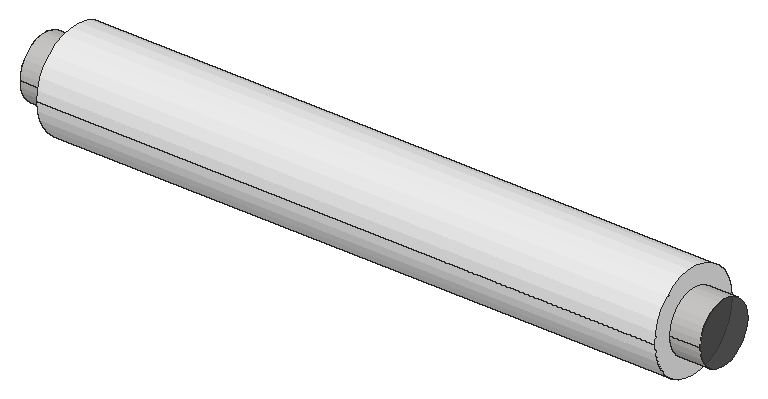
Revit family "HARMANN - Tłumik_Akustyczny-Harmann-FLEXITEC", category Akcesoria wentylacyjne, Revit 2022
Family settings
  Wymiar okrągłego złącza = Użyj średnicy
  Typ części = Dzieli na
  Oparty na płaszczyźnie roboczej = Nie
  Zawsze pionowo = Tak
  Tnij formami wycięć po wczytaniu = Nie
  Współdzielony = Nie
Parameters (values of type "100-1200")
  s1_l2 = 600.0 mm
  s1_l1 = 600.0 mm
  s1_d0 = 155.9 mm
  nr = 2
  nr_n1 = 1
  l2_a0 = 600.0 mm
  l2 [instance] = l2_a0  # 600.0 mm
  l1_a0 = 600.0 mm
  l1 [instance] = l1_a0  # 600.0 mm
  dn = 100.0 mm
  Vis Symbol [instance] = 1 = 1  # yes
  Vis Komponent N1 [instance] = 1 = 1  # yes
  Uwaga Użytkownika [instance] = ""
  Uwaga Układ [instance] = ""
  Uwaga Oznaczenie [instance] = ""
  Uwaga Ostrzeżenie [instance] = ""
  built-in parameter 1114242 [instance] = 1 = 0  # (empty or 0)
  Typoszereg Symbol [instance] = "FLEXITEC"  # constant formula
  Typoszereg Nazwa [instance] = "Tłumik Akustyczny FLEXITEC"  # constant formula
  Systematyka Rodzaj = "Tłumik Akustyczny"  # constant formula
  Systematyka Klasa = "Akcesorium"  # constant formula
  Systematyka Dziedzina = "Instalacje Wentylacyjne"  # constant formula
  Systematyka Branża = "Instalacje Sanitarne"  # constant formula
  Prt Komponent N1 = VE-Komponent-ParaForma-Harmann-FLEXITEC-N1a : Harmann
  Producent URL = ""
  Producent Nazwa = "Harmann Polska Sp. z o.o."  # constant formula
  Powietrze Współczynnik ζ = 0.32
  Powietrze Temperatura Minimalna = -25.0 °C
  Powietrze Temperatura Maksymalna = 60.0 °C
  Powietrze Strata Ciśnienia Rzeczywista [instance] = (Powietrze Współczynnik ζ * Powietrze Gęstość Nominalna * Powietrze Prędkość Rzeczywista ^ 2) / 2  # 0.0 Pa
  Powietrze Strata Ciśnienia Nominalna = 3.0 Pa
  Powietrze Prędkość Rzeczywista [instance] = Powietrze Przepływ Rzeczywisty / Powietrze Powierzchnia Czynna  # 0.0 m/s
  Powietrze Przepływ Rzeczywisty [instance] = 0 m³/h
  Powietrze Przepływ Nominalny = 100 m³/h
  Powietrze Przepływ Minimalny = 10 m³/h
  Powietrze Przepływ Maksymalny = 160 m³/h
  Powietrze Powierzchnia Czynna = 0.0079 m²
  Powietrze Gęstość Nominalna = 1.2000 kg/m³  # constant formula
  Podaj Rzeczywistą Temperaturę Powietrza [instance] = -273.15 °C
  Podaj Rzeczywistą Temperaturę Otoczenia [instance] = -273.15 °C
  Otoczenie Temperatura Rzeczywista [instance] = Podaj Rzeczywistą Temperaturę Otoczenia  # -273.15 °C
  Otoczenie Temperatura Minimalna = -25.0 °C
  Otoczenie Temperatura Maksymalna = 60.0 °C
  Keynote = "FLEXITEC 100-1200"
  Object Version = "1.00"  # constant formula
  Object URL = ""
  Object Revit = "2018"  # constant formula
  Object Language = "PL"  # constant formula
  Object ID = "F001101RFAPL"  # constant formula
  Object Destination = "PL"  # constant formula
  Object Date = "2020.12.29"  # constant formula
  Model = "FLEXITEC 100-1200"
  Masa Netto = 2.0 kg
  Producent = "Harmann Polska Sp. z o.o."  # constant formula
  Kod Zamówienia = "FLEXITEC 100-1200"
  Kod Typoszereg = "FLEXITEC"  # constant formula
  Kod Producent = "Harmann"  # constant formula
  Kod Numer Katalogowy = "72251599"
  IfcExportType = "ROUND"  # constant formula
  IfcExportAs = "IfcDuctSilencerType"  # constant formula
  Domyślna rzędna = 0.0 mm
  Copyright URL = ""
  Copyright = "© Harmann Polska Sp. z o.o. Wszelkie prawa zastrzeżone."
  Autor URL = ""
  Autor Nazwa = ""
Types (12, lengths in mm): name | s1_l2 | s1_l1 | s1_d0 | nr | l2_a0 | l2 | l1_a0 | l1 | dn | Producent URL | Powietrze Współczynnik ζ | Powietrze Strata Ciśnienia Nominalna | Powietrze Przepływ Nominalny | Powietrze Przepływ Minimalny | Powietrze Przepływ Maksymalny | Powietrze Powierzchnia Czynna | Keynote | Object URL | Model | Masa Netto | Kod Zamówienia | Kod Numer Katalogowy | Copyright URL | Copyright | Autor URL | Autor Nazwa
  100-0600 | 300.0 | 300.0 | 155.9 | 1 | 300.0 | 300.0 | 300.0 | 300.0 | 100.0 | "" | 0.16 | 1.5 Pa | 100 m³/h | 10 m³/h | 160 m³/h | 0.0079 m² | "FLEXITEC 100-600" | "" | "FLEXITEC 100-600" | 1.0 kg | "FLEXITEC 100-600" | "72251587" | "" | "© Harmann Polska Sp. z o.o.  Wszelkie prawa zastrzeżone." | "" | ""
  100-1200 | 600.0 | 600.0 | 155.9 | 2 | 600.0 | 600.0 | 600.0 | 600.0 | 100.0 | "" | 0.32 | 3.0 Pa | 100 m³/h | 10 m³/h | 160 m³/h | 0.0079 m² | "FLEXITEC 100-1200" | "" | "FLEXITEC 100-1200" | 2.0 kg | "FLEXITEC 100-1200" | "72251599" | "" | "© Harmann Polska Sp. z o.o. Wszelkie prawa zastrzeżone." | "" | ""
  125-0600 | 300.0 | 300.0 | 195.9 | 1 | 300.0 | 300.0 | 300.0 | 300.0 | 125.0 | "" | 0.13 | 1.0 Pa | 150 m³/h | 15 m³/h | 250 m³/h | 0.0123 m² | "FLEXITEC 125-600" | "" | "FLEXITEC 125-600" | 1.8 kg | "FLEXITEC 125-600" | "72251588" | "" | "© Harmann Polska Sp. z o.o. Wszelkie prawa zastrzeżone." | "" | ""
  125-1200 | 600.0 | 600.0 | 195.9 | 2 | 600.0 | 600.0 | 600.0 | 600.0 | 125.0 | "" | 0.26 | 2.0 Pa | 150 m³/h | 15 m³/h | 250 m³/h | 0.0123 m² | "FLEXITEC 125-1200" | "" | "FLEXITEC 125-1200" | 3.6 kg | "FLEXITEC 125-1200" | "72251600" | "" | "© Harmann Polska Sp. z o.o. Wszelkie prawa zastrzeżone." | "" | ""
  160-0600 | 300.0 | 300.0 | 225.9 | 1 | 300.0 | 300.0 | 300.0 | 300.0 | 160.0 | "http://www.paraforma.pl/M0003PL" | 0.11 | 1.0 Pa | 250 m³/h | 20 m³/h | 400 m³/h | 0.0201 m² | "FLEXITEC 160-600" | "" | "FLEXITEC 160-600" | 2.8 kg | "FLEXITEC 160-600" | "72251589" | "" | "© Harmann Polska Sp. z o.o." | "" | ""
  160-1200 | 600.0 | 600.0 | 225.9 | 2 | 600.0 | 600.0 | 600.0 | 600.0 | 160.0 | "" | 0.22 | 2.0 Pa | 250 m³/h | 20 m³/h | 400 m³/h | 0.0201 m² | "FLEXITEC 160-1200" | "" | "FLEXITEC 160-1200" | 5.6 kg | "FLEXITEC 160-1200" | "72251601" | "" | "© Harmann Polska Sp. z o.o.  Wszelkie prawa zastrzeżone." | "" | ""
  200-0500 | 250.0 | 250.0 | 255.9 | 1 | 250.0 | 250.0 | 250.0 | 250.0 | 200.0 | "http://www.paraforma.pl/M0003PL" | 0.1 | 1.0 Pa | 400 m³/h | 30 m³/h | 650 m³/h | 0.0314 m² | "" | "http://www.paraforma.pl/F001101PL" | "" | 3.3 kg | "FLEXITEC 200-500" | "20312001" | "http://www.paraforma.pl/copyright" | "© Harmann Polska Sp. z o.o. & ParaForma Bartosz Pawłowski. Wszelkie prawa zastrzeżone." | "http://www.paraforma.pl/" | "ParaForma Bartosz Pawłowski"
  200-1200 | 600.0 | 600.0 | 255.9 | 2 | 600.0 | 600.0 | 600.0 | 600.0 | 200.0 | "" | 0.2 | 2.0 Pa | 400 m³/h | 30 m³/h | 650 m³/h | 0.0314 m² | "" | "" | "" | 6.6 kg | "FLEXITEC 200-1200" | "72251602" | "" | "© Harmann Polska Sp. z o.o. Wszelkie prawa zastrzeżone." | "" | ""
  250-0600 | 300.0 | 300.0 | 315.9 | 1 | 300.0 | 300.0 | 300.0 | 300.0 | 250.0 | "" | 0.08 | 1.0 Pa | 600 m³/h | 50 m³/h | 1000 m³/h | 0.0491 m² | "FLEXITEC 250-600" | "" | "FLEXITEC 250-600" | 4.3 kg | "FLEXITEC 250-600" | "72251591" | "" | "© Harmann Polska Sp. z o.o. Wszelkie prawa zastrzeżone." | "" | ""
  250-1200 | 600.0 | 600.0 | 315.9 | 2 | 600.0 | 600.0 | 600.0 | 600.0 | 250.0 | "" | 0.16 | 2.0 Pa | 600 m³/h | 50 m³/h | 1000 m³/h | 0.0491 m² | "FLEXITEC 250-1200" | "" | "FLEXITEC 250-1200" | 8.6 kg | "FLEXITEC 250-1200" | "72251603" | "" | "© Harmann Polska Sp. z o.o. Wszelkie prawa zastrzeżone." | "" | ""
  315-0600 | 300.0 | 300.0 | 375.9 | 1 | 300.0 | 300.0 | 300.0 | 300.0 | 315.0 | "" | 0.08 | 1.0 Pa | 1000 m³/h | 80 m³/h | 1600 m³/h | 0.0779 m² | "FLEXITEC 315-600" | "" | "FLEXITEC 315-600" | 5.5 kg | "FLEXITEC 315-600" | "72251592" | "" | "© Harmann Polska Sp. z o.o. Wszelkie prawa zastrzeżone." | "" | ""
  315-1200 | 600.0 | 600.0 | 375.9 | 2 | 600.0 | 600.0 | 600.0 | 600.0 | 315.0 | "" | 0.16 | 2.0 Pa | 1000 m³/h | 80 m³/h | 1600 m³/h | 0.0779 m² | "FLEXITEC 315-1200" | "" | "FLEXITEC 315-1200" | 11.0 kg | "FLEXITEC 315-1200" | "72251604" | "" | "© Harmann Polska Sp. z o.o. Wszelkie prawa zastrzeżone." | "" | ""
Reference planes
  plane 1 "XZC00": y = 0
  plane 2 "XYC00": z = 0
  plane 3 "YZC00": x = 0
  plane 4 "YZN99": x = -1000
  plane 5 "XZN99": y = -1000
  plane 6 "XYP99": z = 1000
  plane 7 "XYN99": z = -1000
  plane 8 "YZP99": x = 1000
  plane 9 "XZP99": y = 1000
  plane 10: x = -500
  plane 11: x = 500
  plane 12: x = -500
Lines and regions (mm)
  reference lines
    curve 1: line (-600, 0, 0) -> (0, 0, 0)
    curve 2: line (0, 0, 0) -> (600, 0, 0)
Dimensions and locks
  "l1": curve 1 to plane 3 "YZC00"
  "l2": plane 3 "YZC00" to curve 2
  nested 1 to nested 1 = 1000.0 mm
  angle nested 1 to plane 2 "XYC00" = 0.00°
  angle nested 1 to plane 1 "XZC00" = 0.00°
  aligned and locked: level to plane 2 "XYC00"
  aligned and locked: curve 1 to plane 2 "XYC00"
  aligned and locked: curve 1 to plane 1 "XZC00"
  aligned and locked: plane 3 "YZC00" to curve 2
  aligned and locked: curve 2 to plane 1 "XZC00"
  aligned and locked: plane 2 "XYC00" to nested 1
  aligned and locked: plane 1 "XZC00" to nested 1
  aligned and locked: plane 3 "YZC00" to nested 1
Automatic sketch dimensions
  curve 1 to plane 3 "YZC00" = 0.0 mm
Nested families
  nested 1: "VE-Komponent-ParaForma-Harmann-FLEXITEC-N1a" at (0, 0, 0), dn <- "dn", nr <- "nr", nx <- "nr_n1", type <- "Prt Komponent N1", Vis Komponent <- "Vis Komponent N1", visible <- "Vis Komponent N1", type "Harmann", detail levels medium+fine
    with p2_l2 550.0 mm, p2_l1 500.0 mm, p2_d1 98.0 mm, p1_l2 500.0 mm, p1_l1 0.0 mm, p1_d1 155.9 mm, nx 1, nr 2, dn 100.0 mm, Vis Komponent yes, built-in parameter 1114242 (empty or 0)
  nested 2: "VE-Symbol-ParaForma-Harmann-Akcesorium-Tłumik_Akustyczny" at (0, 0, 0), l1 <- "s1_l1", l2 <- "s1_l2", visible <- "Vis Symbol", d0 <- "s1_d0", Vis Komponent <- "Vis Symbol", type "Harmann", detail levels coarse+medium
    with x3 750.0 mm, x2 450.0 mm, x1 150.0 mm, x0 150.0 mm, s075 116.925 mm, s050 77.95 mm, s025 38.975 mm, l2 600.0 mm, l1 600.0 mm, d0 155.9 mm, Vis Komponent yes, built-in parameter 1114242 (empty or 0)
Connectors
  hvac at (-600, 0, 0), driven by "dn", driven by "Powietrze Przepływ Rzeczywisty", driven by "Powietrze Strata Ciśnienia Rzeczywista"
    settings: on curve 1, index 1, duct flow 0 m³/h, flow factor 0, pres drop 0.0 Pa, loss coef 0, conn angle 0.00°, conn width 250 mm, conn height 250 mm, conn diameter 100 mm, duct sys type 29, conn prof type 0, flow config 0, flow direction 0, loss method 4, conn ref index -1, conn util no, is conn primary yes, conn desc ""
  hvac at (600, 0, 0), driven by "dn", driven by "Powietrze Przepływ Rzeczywisty"
    settings: on curve 2, index 2, duct flow 0 m³/h, flow factor 0, pres drop 0.0 Pa, loss coef 0, conn angle 0.00°, conn width 250 mm, conn height 250 mm, conn diameter 100 mm, duct sys type 29, conn prof type 0, flow config 0, flow direction 0, loss method 4, conn ref index -1, conn util no, is conn primary no, conn desc ""
Definition of nested family "VE-Komponent-ParaForma-Harmann-FLEXITEC-N1a"
  Parameters (values of type "Harmann")
    p2_l2 [instance] = size_lookup(Tab Typoszereg, "p2_l2", 0.0 mm, if(nx = _nx, dn, _dn), if(nx = _nx, nr, _nr))  # 300.0 mm
    p2_l1 [instance] = size_lookup(Tab Typoszereg, "p2_l1", 0.0 mm, if(nx = _nx, dn, _dn), if(nx = _nx, nr, _nr))  # 250.0 mm
    p2_d1 [instance] = size_lookup(Tab Typoszereg, "p2_d1", 0.0 mm, if(nx = _nx, dn, _dn), if(nx = _nx, nr, _nr))  # 123.0 mm
    p1_l2 [instance] = size_lookup(Tab Typoszereg, "p1_l2", 0.0 mm, if(nx = _nx, dn, _dn), if(nx = _nx, nr, _nr))  # 250.0 mm
    p1_l1 [instance] = size_lookup(Tab Typoszereg, "p1_l1", 0.0 mm, if(nx = _nx, dn, _dn), if(nx = _nx, nr, _nr))  # 0.0 mm
    p1_d1 [instance] = size_lookup(Tab Typoszereg, "p1_d1", 0.0 mm, if(nx = _nx, dn, _dn), if(nx = _nx, nr, _nr))  # 195.9 mm
    nx [instance] = 1
    nr [instance] = 1
    _nx = 1
    dn [instance] = 125.0 mm
    _nr = 1
    _dn = 125.0 mm
    Vis Komponent [instance] = yes
    built-in parameter 1114242 [instance] = 1 = 0  # (empty or 0)
    Tab Typoszereg = "Tab-Dim-FLEXITEC-N1a"  # constant formula
    Producent URL = "http://www.paraforma.pl/M0003PL"
    Producent Nazwa = "Harmann Polska Sp. z o.o."  # constant formula
    Object Version = "1.00"  # constant formula
    Object Revit = "2018"  # constant formula
    Object Language = "PL"  # constant formula
    Object Destination = "PL"  # constant formula
    Object Date = "2020.12.29"  # constant formula
    Manufacturer = "Harmann Polska Sp. z o.o."  # constant formula
    Default Elevation = 0.0 mm
    Copyright URL = "http://www.paraforma.pl/copyright"
    Copyright = "© Harmann Polska Sp. z o.o. & ParaForma Bartosz Pawłowski. Wszelkie prawa zastrzeżone."  # constant formula
    Autor URL = "http://www.paraforma.pl/"
    Autor Nazwa = "ParaForma Bartosz Pawłowski"  # constant formula
  Reference planes
    plane 1 "XZC00": y = 0
    plane 2 "XYC00": z = 0
    plane 3 "YZC00": x = 0
    plane 4 "YZN99": x = -1000
    plane 5 "XZN99": y = -1000
    plane 6 "XYP99": z = 1000
    plane 7 "XYN99": z = -1000
    plane 8 "YZP99": x = 1000
    plane 9 "XZP99": y = 1000
    plane 10 "XZC01": y = 0
    plane 11 "YZC01": x = 0
    plane 12 "XYC01": z = 0
    plane 13 "XZC02": y = 0
    plane 14 "YZC02": x = 0
    plane 15 "XYC02": z = 0
    plane 16 "XZC03": y = 0
    plane 17 "YZC03": x = 0
    plane 18 "XYC03": z = 0
  Forms (mm)
    Sweep 1, solid, visible <- "Vis Komponent", detail levels fine
      path origin (0, 0, 0) x (1, 0, 0) y (0, 1, 0)
        loop
          line (-250, 0) -> (250, 0)
      profile origin (0, 0, 0) x (0, 1, 0) y (0, 0, 1)
        loop
          circle (0, 0) r 97.95
    Sweep 2, solid, visible <- "Vis Komponent", detail levels medium
      path origin (0, 0, 0) x (1, 0, 0) y (0, 1, 0)
        loop
          line (-250, 0) -> (250, 0)
      profile origin (0, 0, 0) x (0, 1, 0) y (0, 0, 1)
        loop
          circle (0, 0) r 97.95
    Sweep 3, solid, visible <- "Vis Komponent", detail levels fine
      path origin (0, 0, 0) x (1, 0, 0) y (0, 1, 0)
        loop
          line (-300, 0) -> (-250, 0)
      profile origin (-275, 0, 0) x (0, 1, 0) y (0, 0, 1)
        loop
          circle (0, 0) r 61.5
    Sweep 4, solid, visible <- "Vis Komponent", detail levels fine
      path origin (700, 0, 0) x (1, 0, 0) y (0, 1, 0)
        loop
          line (-450, 0) -> (-400, 0)
      profile origin (275, 0, 0) x (0, 1, 0) y (0, 0, 1)
        loop
          circle (0, 0) r 61.5
    Sweep 5, solid, visible <- "Vis Komponent", detail levels medium
      path origin (0, 0, 0) x (1, 0, 0) y (0, 1, 0)
        loop
          line (-300, 0) -> (-250, 0)
      profile origin (-275, 0, 0) x (0, 1, 0) y (0, 0, 1)
        loop
          circle (0, 0) r 61.5
    Sweep 6, solid, visible <- "Vis Komponent", detail levels medium
      path origin (0, 0, 0) x (1, 0, 0) y (0, 1, 0)
        loop
          line (250, 0) -> (300, 0)
      profile origin (275, 0, 0) x (0, 1, 0) y (0, 0, 1)
        loop
          circle (0, 0) r 61.5
  Dimensions and locks
    "p1_l2": Sweep 1 sketch curve to plane 11 "YZC01"
    "p1_l2": plane 11 "YZC01" to Sweep 1 sketch curve
    "p2_l1": Sweep 3 sketch curve to plane 11 "YZC01"
    "p2_l2": Sweep 3 sketch curve to plane 11 "YZC01"
    "p2_l1": plane 11 "YZC01" to Sweep 4 sketch curve
    "p2_l2": plane 11 "YZC01" to Sweep 4 sketch curve
    "p1_l2": Sweep 2 sketch curve to plane 14 "YZC02"
    "p1_l2": plane 14 "YZC02" to Sweep 2 sketch curve
    "p2_l1": Sweep 5 sketch curve to plane 14 "YZC02"
    "p2_l2": Sweep 5 sketch curve to plane 14 "YZC02"
    "p2_l1": plane 14 "YZC02" to Sweep 6 sketch curve
    "p2_l2": plane 14 "YZC02" to Sweep 6 sketch curve
    "p1_d1": diameter of Sweep 1 sketch curve
    "p1_d1": diameter of Sweep 2 sketch curve
    "p2_d1": diameter of Sweep 3 sketch curve
    "p2_d1": diameter of Sweep 4 sketch curve
    "p2_d1": diameter of Sweep 5 sketch curve
    "p2_d1": diameter of Sweep 6 sketch curve
    aligned and locked: level to plane 2 "XYC00"
    aligned and locked: plane 3 "YZC00" to plane 11 "YZC01"
    aligned and locked: plane 3 "YZC00" to plane 14 "YZC02"
    aligned and locked: plane 10 "XZC01" to plane 1 "XZC00"
    aligned and locked: plane 13 "XZC02" to plane 1 "XZC00"
    aligned and locked: plane 2 "XYC00" to plane 12 "XYC01"
    aligned and locked: plane 2 "XYC00" to plane 15 "XYC02"
    aligned and locked: plane 17 "YZC03" to plane 3 "YZC00"
    aligned and locked: plane 16 "XZC03" to plane 1 "XZC00"
    aligned and locked: plane 18 "XYC03" to plane 2 "XYC00"
    aligned and locked: Sweep 1 sketch curve to plane 10 "XZC01"
    aligned and locked: profile plane to Sweep 1 sketch curve  (x2)
    aligned and locked: profile plane to Sweep 2 sketch curve  (x2)
    aligned and locked: profile plane to Sweep 3 sketch curve  (x2)
    aligned and locked: Sweep 3 sketch curve to plane 10 "XZC01"
    aligned and locked: profile plane to Sweep 4 sketch curve  (x2)
    aligned and locked: Sweep 4 sketch curve to plane 10 "XZC01"
    aligned and locked: Sweep 2 sketch curve to plane 13 "XZC02"
    aligned and locked: profile plane to Sweep 5 sketch curve  (x2)
    aligned and locked: profile plane to Sweep 6 sketch curve  (x2)
    aligned and locked: Sweep 5 sketch curve to plane 13 "XZC02"
    aligned and locked: Sweep 6 sketch curve to plane 13 "XZC02"
Definition of nested family "VE-Symbol-ParaForma-Harmann-Akcesorium-Tłumik_Akustyczny"
  Parameters (values of type "Harmann")
    s075 [instance] = d0 * 0.75  # 150.0 mm
    s050 [instance] = d0 * 0.5  # 100.0 mm
    s025 [instance] = d0 * 0.25  # 50.0 mm
    l2 [instance] = 300.0 mm
    l1 [instance] = 300.0 mm
    d0 [instance] = 200.0 mm
    x3 [instance] = if(not(l1 + l2 < 8 * x0), 5 * x0, x0)  # 150.0 mm
    x2 [instance] = if(not(l1 + l2 < 6 * x0), 3 * x0, x0)  # 150.0 mm
    x1 [instance] = if(not(l1 + l2 < 4 * x0), 1 * x0, x0)  # 150.0 mm
    x0 [instance] = (l1 + l2) / (round((l1 + l2) / 150.0 mm))  # 150.0 mm
    Vis Komponent [instance] = yes
    built-in parameter 1114242 [instance] = 1 = 0  # (empty or 0)
    Producent URL = "http://www.paraforma.pl/M0003PL"
    Producent Nazwa = "Harmann Polska Sp. z o.o."  # constant formula
    Object Version = "1.00"  # constant formula
    Object Revit = "2018"  # constant formula
    Object Language = "PL"  # constant formula
    Object Destination = "PL"  # constant formula
    Object Date = "2020.12.29"  # constant formula
    Manufacturer = "Harmann Polska Sp. z o.o."  # constant formula
    Default Elevation = 0.0 mm
    Copyright URL = "http://www.paraforma.pl/copyright"
    Copyright = "© Harmann Polska Sp. z o.o. & ParaForma Bartosz Pawłowski. Wszelkie prawa zastrzeżone."  # constant formula
    Autor URL = "http://www.paraforma.pl/"
    Autor Nazwa = "ParaForma Bartosz Pawłowski"  # constant formula
  Reference planes
    plane 1 "XZC00": y = 0
    plane 2 "XYC00": z = 0
    plane 3 "YZC00": x = 0
    plane 4 "YZN99": x = -1000
    plane 5 "XZN99": y = -1000
    plane 6 "XYP99": z = 1000
    plane 7 "XYN99": z = -1000
    plane 8 "YZP99": x = 1000
    plane 9 "XZP99": y = 1000
    plane 10 "XZC03": y = 0
    plane 11 "YZC03": x = 0
    plane 12 "XYC03": z = 0
    plane 13 "YZN01": x = -300
  Lines and regions (mm)
    symbolic lines, visible <- "Vis Komponent", detail levels coarse+medium
      curve 1: line (-300, -100, 0) -> (300, -100, 0)
      curve 2: line (-300, 100, 0) -> (-300, -100, 0)
      curve 3: line (300, 100, 0) -> (-300, 100, 0)
      curve 4: line (300, -100, 0) -> (300, 100, 0)
      curve 5: line (-300, 0, -100) -> (300, 0, -100)
      curve 6: line (-300, 0, 100) -> (-300, 0, -100)
      curve 7: line (300, 0, 100) -> (-300, 0, 100)
      curve 8: line (300, 0, -100) -> (300, 0, 100)
      curve 9: line (-150, 50, 0) -> (-150, -100, 0)
      curve 10: line (0, 100, 0) -> (0, -50, 0)
      curve 11: line (150, 50, 0) -> (150, -100, 0)
      curve 12: line (-150, 50, 0) -> (-150, -100, 0)
      curve 13: line (0, 100, 0) -> (0, -50, 0)
      curve 14: line (150, 50, 0) -> (150, -100, 0)
      curve 15: line (-150, 50, 0) -> (-150, -100, 0)
      curve 16: line (0, 100, 0) -> (0, -50, 0)
      curve 17: line (150, 50, 0) -> (150, -100, 0)
      curve 31: line (0, 0, 100) -> (0, 0, -50)
      curve 32: line (-150, 0, 50) -> (-150, 0, -100)
      curve 33: line (150, 0, 50) -> (150, 0, -100)
      curve 34: line (0, 0, 100) -> (0, 0, -50)
      curve 35: line (-150, 0, 50) -> (-150, 0, -100)
      curve 36: line (150, 0, 50) -> (150, 0, -100)
      curve 37: line (0, 0, 100) -> (0, 0, -50)
      curve 38: line (-150, 0, 50) -> (-150, 0, -100)
      curve 39: line (150, 0, 50) -> (150, 0, -100)
    model lines, visible <- "Vis Komponent", detail levels coarse
      curve 18: line (-300, -100, 0) -> (300, -100, 0)
      curve 19: line (-300, 100, 0) -> (-300, -100, 0)
      curve 20: line (300, 100, 0) -> (-300, 100, 0)
      curve 21: line (300, -100, 0) -> (300, 100, 0)
      curve 22: line (-150, 50, 0) -> (-150, -100, 0)
      curve 23: line (0, 100, 0) -> (0, -50, 0)
      curve 24: line (150, 50, 0) -> (150, -100, 0)
      curve 25: line (-150, 50, 0) -> (-150, -100, 0)
      curve 26: line (0, 100, 0) -> (0, -50, 0)
      curve 27: line (150, 50, 0) -> (150, -100, 0)
      curve 28: line (-150, 50, 0) -> (-150, -100, 0)
      curve 29: line (0, 100, 0) -> (0, -50, 0)
      curve 30: line (150, 50, 0) -> (150, -100, 0)
  Dimensions and locks
    "l1": curve 2 to plane 11 "YZC03"
    "l2": plane 11 "YZC03" to curve 4
    "d0": curve 1 to curve 3
    equal spacing: curve 3, plane 10 "XZC03", curve 1
    "d0": curve 7 to curve 5
    equal spacing: curve 7, plane 12 "XYC03", curve 5
    "l1": curve 6 to plane 11 "YZC03"
    "l2": curve 8 to plane 11 "YZC03"
    "l1": plane 13 "YZN01" to plane 11 "YZC03"
    "x0": curve 9 to curve 10
    "x0": curve 10 to curve 11
    "x0": curve 12 to curve 13
    "x0": curve 13 to curve 14
    "x0": curve 15 to curve 16
    "x0": curve 16 to curve 17
    "x1": plane 13 "YZN01" to curve 9
    "x2": plane 13 "YZN01" to curve 12
    "x3": plane 13 "YZN01" to curve 15
    "s025": curve 9 to plane 10 "XZC03"
    "s025": curve 11 to plane 10 "XZC03"
    "s025": curve 12 to plane 10 "XZC03"
    "s025": curve 14 to plane 10 "XZC03"
    "s025": curve 15 to plane 10 "XZC03"
    "s025": curve 17 to plane 10 "XZC03"
    "s025": plane 10 "XZC03" to curve 10
    "s025": plane 10 "XZC03" to curve 13
    "s025": plane 10 "XZC03" to curve 16
    "d0": curve 18 to curve 20
    equal spacing: curve 20, plane 10 "XZC03", curve 18
    "x0": curve 22 to curve 23
    "x0": curve 23 to curve 24
    "x0": curve 25 to curve 26
    "x0": curve 26 to curve 27
    "x0": curve 28 to curve 29
    "x0": curve 29 to curve 30
    "s025": curve 22 to plane 10 "XZC03"
    "s025": curve 24 to plane 10 "XZC03"
    "s025": curve 25 to plane 10 "XZC03"
    "s025": curve 27 to plane 10 "XZC03"
    "s025": curve 28 to plane 10 "XZC03"
    "s025": curve 30 to plane 10 "XZC03"
    "s025": plane 10 "XZC03" to curve 23
    "s025": plane 10 "XZC03" to curve 26
    "s025": plane 10 "XZC03" to curve 29
    "x1": plane 13 "YZN01" to curve 22
    "x2": plane 13 "YZN01" to curve 25
    "x3": plane 13 "YZN01" to curve 28
    "s025": curve 32 to plane 12 "XYC03"
    "s025": plane 12 "XYC03" to curve 31
    "s025": curve 33 to plane 12 "XYC03"
    "x1": curve 32 to plane 13 "YZN01"
    "x0": curve 32 to curve 31
    "x0": curve 31 to curve 33
    "s025": curve 35 to plane 12 "XYC03"
    "s025": plane 12 "XYC03" to curve 34
    "s025": curve 36 to plane 12 "XYC03"
    "x0": curve 35 to curve 34
    "x0": curve 34 to curve 36
    "s025": curve 38 to plane 12 "XYC03"
    "s025": plane 12 "XYC03" to curve 37
    "s025": curve 39 to plane 12 "XYC03"
    "x0": curve 38 to curve 37
    "x0": curve 37 to curve 39
    "x2": curve 35 to plane 13 "YZN01"
    "x3": plane 13 "YZN01" to curve 38
    "l1": curve 19 to plane 11 "YZC03"
    "l2": plane 11 "YZC03" to curve 21
    aligned and locked: level to plane 2 "XYC00"
    aligned and locked: plane 3 "YZC00" to plane 11 "YZC03"
    aligned and locked: plane 10 "XZC03" to plane 1 "XZC00"
    aligned and locked: plane 12 "XYC03" to plane 2 "XYC00"
  Automatic sketch dimensions
    curve 30 to curve 17 = 0.0 mm
